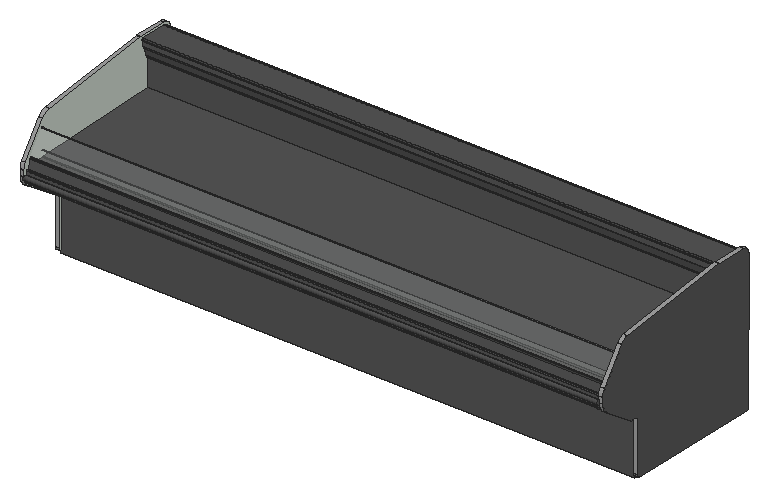
Revit family "E1S_2014", category Specialty Equipment, Revit 2014
Parameters (values of type "12'-0" Length")
  Width = 144 1/2"
  Waste Drain Location = if(Width = 48 1/4", 24 1/8", if(Width = 72 3/8", 48 1/4", if(Width = 96 3/8", 72 1/4", if(Width = 144 1/2", 72 1/4", 0"))))  # 72 1/4"
  Waste Drain = 1 1/2"  # constant formula
  URL = "www.hussmann.com"
  Type Comments = "Elite"  # constant formula
  Trim = Stainless Steel
  Total Weight = Case Weight + (2 * End Weight)  # 1150.00 lbf
  Splashguard = Textured Sheet Metal (Steel Painted) - 701 Black
  Side Panel - Right [instance] = yes
  Side Panel - Left [instance] = yes
  Shelves = Sheet Metal (Steel Painted) - 701 Black
  Revit Family Date = "05/26/2016"  # constant formula
  Refrigeration Lines Suction = 7/8"  # constant formula
  Refrigeration Lines Liquid = 3/8"  # constant formula
  Refrig. Suction = "Suction"
  Refrig. Liquid = "Liquid"
  Number of Supports = if(Width < 50", 2, if(Width < 100", 3, 4))  # 4
  Note from Manufacturer = "This model only comes in 4'-0\", 6'-0\", 8'-0\", and 12'-0\" lengths."
  Model URL = "http://www.hussmann.com/en/product%20viewer/display-cases/E1,%20E1S"
  Model = "E1S"  # constant formula
  Manufacturer Disclaimer = "The information in this file is not intended to be an exact representation of the corresponding Hussmann product.  Further, we reserve the right to change or revise specifications and product design in connection with any feature of our products. Such changes do not entitle the buyer to corresponding changes, improvements, additions, or replacements for equipment previously sold or shipped."  # constant formula
  Manufacturer = "Hussmann Corporation"  # constant formula
  Light [instance] = yes
  Height = 37 3/8"  # constant formula
  Glazing = Glass
  Ends = Textured Sheet Metal (Steel Painted) - 701 Black
  End Weight = 75.00 lbf  # constant formula
  Description = "Self-Serve, Single Deck with Straight Front Glass for Deli, Cheese, Salads"  # constant formula
  Depth = 46 1/8"  # constant formula
  Cutsheet URL = "http://www.hussmann.com/en/Technical%20Documents/0453531_E_E1S.pdf"
  Case Weight = if(Width = 48 1/4", 400.00 lbf, if(Width = 72 3/8", 600.00 lbf, if(Width = 96 3/8", 800.00 lbf, if(Width = 144 1/2", 1000.00 lbf, 0.00 lbf))))  # 1000.00 lbf
  Case Interior - Side Panel = Mirror
  Case Interior - Back Panel = Sheet Metal (Steel Painted) - 701 Black
  Case = Textured Sheet Metal (Steel Painted) - 701 Black
  Bumper = Extruded PVC - 701 Black
  Assembly Code = ""
  Accessories/Options = ""
Types (4): name | Width | Waste Drain Location | Total Weight | Number of Supports | Case Weight
  12'-0" Length | 144 1/2" | 72 1/4" | 1150.00 lbf | 4 | 1000.00 lbf
  8'-0" Length | 96 3/8" | 72 1/4" | 950.00 lbf | 3 | 800.00 lbf
  6'-0" Length | 72 3/8" | 48 1/4" | 750.00 lbf | 3 | 600.00 lbf
  4'-0" Length | 48 1/4" | 24 1/8" | 550.00 lbf | 2 | 400.00 lbf
Reference planes (in)
  plane 1 "Back": y = 0
  plane 2 "Bottom": z = 0
  plane 3 "Top": z = 37.375
  plane 4 "Left": x = -77.30699
  plane 5 "Front": y = -46.125
  plane 6 "Center (Left/Right)": x = -5.05699
  plane 7: x = -78.30699
  plane 8 "Right": x = 67.19301
  plane 9: x = 68.19301
Forms (in)
  Extrusion 1, solid, material "Metal - Copper"
    sketch origin (63.0625, 1.04319, 0) x (1, 0, 0) y (0, 1, 0)
      loop
        arc (-68.11949, -27.41819) -> (-68.64982, -27.63786) -> (-68.86949, -28.16819) r 0.75
        arc (-68.86949, -28.16819) -> (-68.64982, -28.69852) -> (-68.11949, -28.91819) r 0.75
        arc (-68.11949, -28.91819) -> (-67.58916, -28.69852) -> (-67.36949, -28.16819) r 0.75
        arc (-67.36949, -28.16819) -> (-67.58916, -27.63786) -> (-68.11949, -27.41819) r 0.75
      loop
        circle (-68.11949, -28.16819) r 0.7102
    from 15.5525 to 0
  Extrusion 2, solid, material "Metal - Copper"
    sketch origin (57.40105, 5, -0.375) x (1, 0, 0) y (0, 1, 0)
      loop
        circle (0.97946, -35.25) r 0.41359
      loop
        circle (0.97946, -35.25) r 0.4375
    from 15.9275 to 0.375
  Extrusion 3, solid, material "Metal - Copper"
    sketch origin (59.82608, 5, -0.375) x (1, 0, 0) y (0, 1, 0)
      loop
        circle (-0.82057, -35.25) r 0.17188
      loop
        circle (-0.82057, -35.25) r 0.1875
    from 15.9275 to 0.375
  Extrusion 4, solid, material "Extruded PVC - 701 Black" <- "Bumper"
    sketch origin (-5.05699, 0, 0) x (0, 1, 0) y (0, 0, 1)
      loop
        arc (-45.445, 22.49036) -> (-46, 21.93536) -> (-45.445, 21.38036) r 0.555
        line (-45.445, 21.38036) -> (-45.114, 21.38036) -> (-45.114, 22.49036) -> (-45.445, 22.49036)
    from 72.25 to -72.25
  Extrusion 5, solid, material "Textured Sheet Metal (Steel Painted) - 701 Black" <- "Case"
    sketch origin (-5.05699, 0, 0) x (0, 1, 0) y (0, 0, 1)
      loop
        line (-33.4203, 15.0455) -> (-33.4203, 15.5525) -> (-6.022, 15.5525) -> (-6.022, 12.31836) -> (-3.09214, 12.31836) -> (-1.484, 13.9265) -> (-1.484, 35.805) -> (-1.018, 36.271) -> (-1.018, 36.68575)
        arc (-1.018, 36.68575) -> (-0.40692, 36.23214) -> (-0.13069, 35.523) r 1.375
        line (-0.13069, 35.523) -> (-0.5, 35.523) -> (-0.5, 35.398) -> (0, 35.398)
        arc (0, 35.398) -> (-0.43934, 36.45866) -> (-1.5, 36.898) r 1.5
        line (-1.5, 36.898) -> (-1.90281, 36.898) -> (-1.90281, 36.773) -> (-8.65281, 36.773) -> (-8.72233, 36.87229)
        arc (-8.72233, 36.87229) -> (-8.80629, 36.8871) -> (-8.8211, 36.80314) r 0.06028
        line (-8.8211, 36.80314) -> (-8.666, 36.58163) -> (-8.666, 35.338) -> (-8.39261, 35.338) -> (-8.1876, 34.77474) -> (-8.14894, 34.78881) -> (-7.39623, 32.72078) -> (-7.4349, 32.7067) -> (-7.31964, 32.39003)
        arc (-7.31964, 32.39003) -> (-7.29999, 32.36858) -> (-7.27093, 32.36732) r 0.038
        line (-7.27093, 32.36732) -> (-6.869, 32.51361) -> (-6.869, 21.4475) -> (-8.89025, 21.4475) -> (-8.98391, 24.12974) -> (-19.0218, 23.77923) -> (-19.02552, 23.88595) -> (-27.0014, 21.4475) -> (-38.27432, 21.4475) -> (-38.27432, 23.41652) -> (-40.30332, 23.41652) -> (-40.30332, 24.18252) -> (-41.50346, 24.18252) -> (-43.54412, 25.3607) -> (-43.9473, 23.07412) -> (-44.41213, 23.15608) -> (-44.01971, 25.38162) -> (-44.07781, 25.39187) -> (-44.42407, 23.42812) -> (-45.025, 23.42812)
        arc (-45.025, 23.42812) -> (-45.08793, 23.40205) -> (-45.114, 23.33912) r 0.089
        line (-45.114, 23.33912) -> (-45.114, 20.52312)
        arc (-45.114, 20.52312) -> (-45.08793, 20.46019) -> (-45.025, 20.43412) r 0.089
        line (-45.025, 20.43412) -> (-44.1941, 20.43412) -> (-44.1941, 19.95118)
        arc (-44.1941, 19.95118) -> (-44.18715, 19.92339) -> (-44.16793, 19.90215) r 0.059
        line (-44.16793, 19.90215) -> (-36.05013, 14.4669)
        arc (-36.05013, 14.4669) -> (-35.98952, 14.46387) -> (-35.95831, 14.51592) r 0.059
        line (-35.95831, 14.51592) -> (-35.95831, 15.0455) -> (-33.4203, 15.0455)
    from 72.25 to -72.25
  Extrusion 6, solid, material "Glass" <- "Glazing"
    sketch origin (-5.05699, 0, 0) x (0, 1, 0) y (0, 0, 1)
      loop
        line (-40.30332, 23.41652) -> (-40.05332, 23.41652) -> (-40.05332, 25.91652) -> (-40.30332, 25.91652) -> (-40.30332, 23.41652)
      loop
        arc (-39.99776, 30.91903) -> (-40.17503, 30.96128) -> (-40.32954, 30.86466) r 0.236
        line (-40.32954, 30.86466) -> (-43.89263, 25.82679)
        arc (-43.89263, 25.82679) -> (-43.9459, 25.7305) -> (-43.97681, 25.62489) r 0.5
        line (-43.97681, 25.62489) -> (-44.41213, 23.15608) -> (-43.9473, 23.07412) -> (-43.52062, 25.49393)
        arc (-43.52062, 25.49393) -> (-43.5014, 25.54654) -> (-43.47095, 25.59354) r 0.25
        line (-43.47095, 25.59354) -> (-39.9385, 30.58809)
        arc (-39.9385, 30.58809) -> (-39.89888, 30.76597) -> (-39.99776, 30.91903) r 0.236
    from 72.25 to -72.25
  Extrusion 7, solid, material "Sheet Metal (Steel Painted) - 701 Black" <- "Shelves"
    sketch origin (-5.05699, 0, 0) x (0, 1, 0) y (0, 0, 1)
      loop
        line (-6.90546, 25.39651) -> (-39.94989, 24.31879) -> (-39.92473, 23.5472) -> (-6.8803, 24.62492) -> (-6.90546, 25.39651)
    from 72.25 to -72.25
  Extrusion 8, solid, material "Textured Sheet Metal (Steel Painted) - 701 Black" <- "Splashguard"
    sketch origin (-5.05699, 0, 0) x (0, 1, 0) y (0, 0, 1)
      loop
        line (-34.125, 0) -> (-33.696, 0) -> (-33.696, 14.616) -> (-34.125, 14.616) -> (-34.125, 0)
      loop
        line (-5.006, 11.929) -> (-5.006, 0) -> (-4.577, 0) -> (-4.577, 11.929) -> (-5.006, 11.929)
    from 72.25 to -72.25
  Extrusion 9, solid, material "Sheet Metal (Steel Painted) - 701 Black" <- "Shelves"
    sketch origin (-5.05699, 0, 0) x (0, 1, 0) y (0, 0, 1)
      loop
        line (-1.96481, 37.273) -> (-8.65281, 37.273) -> (-8.65281, 36.773) -> (-1.90281, 36.773) -> (-1.90281, 37.211)
        arc (-1.90281, 37.211) -> (-1.92097, 37.25484) -> (-1.96481, 37.273) r 0.062
    from 72.25 to -72.25
  Extrusion 10, solid, material "Textured Sheet Metal (Steel Painted) - 701 Black" <- "Ends", visible <- "Side Panel - Left"
    sketch origin (-77.30699, 0, 0) x (0, 1, 0) y (0, 0, 1)
      loop
        arc (-36.68276, 14.4101) -> (-36.55001, 14.34719) -> (-36.40469, 14.3256) r 0.49981
        line (-36.40469, 14.3256) -> (-35.02063, 14.3256)
        arc (-35.02063, 14.3256) -> (-34.66722, 14.17921) -> (-34.52083, 13.8258) r 0.49981
        line (-34.52083, 13.8258) -> (-34.52083, 1.09384)
        arc (-34.52083, 1.09384) -> (-34.37444, 0.74042) -> (-34.02102, 0.59371) r 0.49981
        line (-34.02102, 0.59371) -> (-0.25779, 0.59371)
        arc (-0.25779, 0.59371) -> (0.09563, 0.7401) -> (0.24202, 1.09352) r 0.49981
        line (0.24202, 1.09352) -> (0.24202, 36.02075)
        arc (0.24202, 36.02075) -> (-0.19715, 37.08101) -> (-1.25741, 37.52018) r 1.49943
        line (-1.25741, 37.52018) -> (-8.84421, 37.5201)
        arc (-8.84421, 37.5201) -> (-8.87512, 37.51914) -> (-8.90591, 37.51627) r 0.49981
        line (-8.90591, 37.51627) -> (-37.54476, 33.95402)
        arc (-37.54476, 33.95402) -> (-38.71024, 33.55393) -> (-39.61644, 32.71894) r 2.99883
        line (-39.61644, 32.71894) -> (-44.98582, 25.18733)
        arc (-44.98582, 25.18733) -> (-45.40017, 24.36039) -> (-45.54282, 23.44651) r 2.99883
        line (-45.54282, 23.44651) -> (-45.54282, 21.94341)
        arc (-45.54282, 21.94341) -> (-45.18939, 20.53103) -> (-44.2124, 19.45155) r 2.99883
        line (-44.2124, 19.45155) -> (-36.68276, 14.4101)
    from 0 to -1
  Extrusion 11, solid, material "Textured Sheet Metal (Steel Painted) - 701 Black" <- "Ends", visible <- "Side Panel - Right"
    sketch origin (67.19301, 0, 0) x (0, 0, 1) y (0, -1, 0)
      loop
        arc (14.4101, 36.68276) -> (14.34719, 36.55001) -> (14.3256, 36.40469) r 0.49981
        line (14.3256, 36.40469) -> (14.3256, 35.02063)
        arc (14.3256, 35.02063) -> (14.17921, 34.66722) -> (13.8258, 34.52083) r 0.49981
        line (13.8258, 34.52083) -> (1.09384, 34.52083)
        arc (1.09384, 34.52083) -> (0.74042, 34.37444) -> (0.59371, 34.02102) r 0.49981
        line (0.59371, 34.02102) -> (0.59371, 0.25779)
        arc (0.59371, 0.25779) -> (0.7401, -0.09563) -> (1.09352, -0.24202) r 0.49981
        line (1.09352, -0.24202) -> (36.02075, -0.24202)
        arc (36.02075, -0.24202) -> (37.08101, 0.19715) -> (37.52018, 1.25741) r 1.49943
        line (37.52018, 1.25741) -> (37.5201, 8.84421)
        arc (37.5201, 8.84421) -> (37.51914, 8.87512) -> (37.51627, 8.90591) r 0.49981
        line (37.51627, 8.90591) -> (33.95402, 37.54476)
        arc (33.95402, 37.54476) -> (33.55393, 38.71024) -> (32.71894, 39.61644) r 2.99883
        line (32.71894, 39.61644) -> (25.18733, 44.98582)
        arc (25.18733, 44.98582) -> (24.36039, 45.40017) -> (23.44651, 45.54282) r 2.99883
        line (23.44651, 45.54282) -> (21.94341, 45.54282)
        arc (21.94341, 45.54282) -> (20.53103, 45.18939) -> (19.45155, 44.2124) r 2.99883
        line (19.45155, 44.2124) -> (14.4101, 36.68276)
    from 1 to 0
Lines and regions (in)
  reference lines
    curve 1: line (-73.80699, -46.125, 0) -> (-73.80699, 0, 0)
    curve 2: line (-5.05699, -46.125, 0) -> (-5.05699, 0, 0)
    curve 3: line (63.69301, -46.125, 0) -> (63.69301, 0, 0)
    curve 4: line (58.81801, -46.125, 0) -> (58.81801, 0, 0)
    curve 5: line (-77.30699, -27.125, 0) -> (67.19301, -27.125, 0)
    curve 6: line (67.19301, -30.25, 0) -> (-77.30699, -30.25, 0)
Dimensions and locks (in)
  equal spacing: plane 4 "Left", plane 6 "Center (Left/Right)", plane 8 "Right"
  locked: plane 7 to plane 4 "Left" at 1
  "Width": plane 4 "Left" to plane 8 "Right"
  locked: plane 4 "Left" to curve 1 at 3.5
  locked: curve 3 to plane 8 "Right" at 3.5
  "Waste Drain Location": plane 4 "Left" to curve 2
  "Depth": plane 5 "Front" to plane 1 "Back"
  locked: curve 4 to plane 8 "Right" at 8.375
  "Height": plane 3 "Top" to level
  locked: plane 1 "Back" to curve 5 at 27.125
  locked: plane 1 "Back" to curve 6 at 30.25
  locked: plane 8 "Right" to plane 9 at 1
  locked: Extrusion 1 sketch curve to Extrusion 1 sketch curve at 0.0398
  locked: Extrusion 3 sketch curve to Extrusion 3 sketch curve at 0.01562
  locked: Extrusion 2 sketch curve to Extrusion 2 sketch curve at 0.02391
  locked: nested 1 to plane 1 "Back" at 6.022
  equal spacing: group 1, group 3, group 4, group 2  (x3)
  "Waste Drain": diameter of Extrusion 1 sketch curve
  "Refrigeration Lines Liquid": diameter of Extrusion 3 sketch curve
  "Refrigeration Lines Suction": diameter of Extrusion 2 sketch curve
  aligned and locked: plane 5 "Front" to curve 2
  aligned and locked: plane 5 "Front" to curve 3
  aligned and locked: plane 5 "Front" to curve 1
  aligned and locked: plane 4 "Left" to curve 5
  aligned and locked: plane 4 "Left" to curve 6
  aligned and locked: plane 8 "Right" to curve 6
  aligned and locked: plane 8 "Right" to curve 5
  aligned and locked: Extrusion 2 to level
  aligned and locked: Extrusion 3 to level
  aligned and locked: curve 6 to Extrusion 3 sketch curve  (x4)
  aligned and locked: curve 6 to Extrusion 2 sketch curve  (x4)
  aligned and locked: curve 5 to Extrusion 1 sketch curve  (x3)
  aligned and locked: curve 2 to Extrusion 1 sketch curve
  aligned and locked: curve 4 to Extrusion 3 sketch curve
  aligned and locked: curve 4 to Extrusion 2 sketch curve
  aligned and locked: Extrusion 4 to plane 4 "Left"
  aligned and locked: plane 8 "Right" to Extrusion 4
  aligned and locked: Extrusion 5 to plane 4 "Left"
  aligned and locked: plane 8 "Right" to Extrusion 5
  aligned and locked: Extrusion 6 to plane 4 "Left"
  aligned and locked: plane 8 "Right" to Extrusion 6
  aligned and locked: Extrusion 7 to plane 4 "Left"
  aligned and locked: plane 8 "Right" to Extrusion 7
  aligned and locked: Extrusion 8 to plane 4 "Left"
  aligned and locked: plane 8 "Right" to Extrusion 8
  aligned and locked: Extrusion 9 to plane 4 "Left"
  aligned and locked: plane 8 "Right" to Extrusion 9
  aligned and locked: curve 1 to nested 1
  aligned and locked: curve 3 to nested 2
  aligned and locked: nested 1 to nested 2
  aligned and locked: plane 4 "Left" to Extrusion 10
  aligned and locked: plane 9 to Extrusion 11
  aligned and locked: Extrusion 11 to plane 8 "Right"
  aligned and locked: plane 4 "Left" to nested 3
Automatic sketch dimensions
  plane 5 "Front" to Extrusion 4 sketch curve = 0.68"
  plane 3 "Top" to Extrusion 4 sketch curve = 15.99464"
  Extrusion 4 sketch curve to Extrusion 4 sketch curve = 0.555"
  Extrusion 4 sketch curve to Extrusion 4 sketch curve = 0.331"
  Extrusion 6 sketch curve to Extrusion 6 sketch curve = 1/4"
  Extrusion 6 sketch curve to Extrusion 6 sketch curve = 2 1/2"
  plane 5 "Front" to Extrusion 7 sketch curve = 6.17511"
  Extrusion 7 sketch curve to Extrusion 7 sketch curve = 0.02516"
  plane 1 "Back" to Extrusion 7 sketch curve = 6.90546"
  level to Extrusion 7 sketch curve = 23.5472"
  Extrusion 7 sketch curve to Extrusion 7 sketch curve = 0.77159"
  Extrusion 8 sketch curve to level = 0"  (x2)
  plane 5 "Front" to Extrusion 8 sketch curve = 12"
  Extrusion 8 sketch curve to Extrusion 8 sketch curve = 0.429"  (x2)
  plane 1 "Back" to Extrusion 8 sketch curve = 5.006"
  level to Extrusion 8 sketch curve = 11.929"
  level to Extrusion 8 sketch curve = 14.616"
  plane 3 "Top" to Extrusion 9 sketch curve = 0.102"
  plane 1 "Back" to Extrusion 9 sketch curve = 8.65281"
  plane 1 "Back" to Extrusion 9 sketch curve = 1.96481"
  Extrusion 9 sketch curve to Extrusion 9 sketch curve = 1/2"
  Extrusion 9 sketch curve to Extrusion 9 sketch curve = 0.062"
  Extrusion 5 sketch curve to Extrusion 5 sketch curve = 0"  (x2)
  Extrusion 5 sketch curve to plane 1 "Back" = 0"
  plane 1 "Back" to Extrusion 5 sketch curve = 0.13069"
  Extrusion 5 sketch curve to Extrusion 5 sketch curve = 0.36931"
  Extrusion 5 sketch curve to Extrusion 5 sketch curve = 0.518"
  plane 1 "Back" to Extrusion 5 sketch curve = 1.484"
  Extrusion 5 sketch curve to Extrusion 5 sketch curve = 0.016"
  Extrusion 5 sketch curve to Extrusion 5 sketch curve = 0.40281"
  Extrusion 5 sketch curve to Extrusion 5 sketch curve = 1.60814"
  Extrusion 5 sketch curve to Extrusion 5 sketch curve = 2.92986"
  Extrusion 5 sketch curve to Extrusion 5 sketch curve = 5.369"
  Extrusion 5 sketch curve to Extrusion 5 sketch curve = 0.40193"
  Extrusion 5 sketch curve to Extrusion 5 sketch curve = 0.013"
  Extrusion 5 sketch curve to Extrusion 5 sketch curve = 0.03571"
  plane 3 "Top" to Extrusion 5 sketch curve = 4.65422"
  Extrusion 5 sketch curve to Extrusion 5 sketch curve = 0.1123"
  plane 3 "Top" to Extrusion 5 sketch curve = 4.6683"
  Extrusion 5 sketch curve to Extrusion 5 sketch curve = 0.03867"
  plane 3 "Top" to Extrusion 5 sketch curve = 2.58619"
  plane 3 "Top" to Extrusion 5 sketch curve = 2.60026"
  Extrusion 5 sketch curve to Extrusion 5 sketch curve = 0.20501"
  plane 3 "Top" to Extrusion 5 sketch curve = 0.602"
  Extrusion 5 sketch curve to Extrusion 5 sketch curve = 0.26019"
  plane 3 "Top" to Extrusion 5 sketch curve = 0.79337"
  Extrusion 5 sketch curve to Extrusion 5 sketch curve = 0.01319"
  plane 3 "Top" to Extrusion 5 sketch curve = 0.50271"
  Extrusion 5 sketch curve to Extrusion 5 sketch curve = 0.06953"
  Extrusion 5 sketch curve to Extrusion 5 sketch curve = 0.04938"  (x2)
  plane 3 "Top" to Extrusion 5 sketch curve = 0.57186"
  Extrusion 5 sketch curve to Extrusion 5 sketch curve = 4.85401"
  Extrusion 5 sketch curve to Extrusion 5 sketch curve = 2.029"
  Extrusion 5 sketch curve to Extrusion 5 sketch curve = 1.20014"
  Extrusion 5 sketch curve to Extrusion 5 sketch curve = 2.04066"
  Extrusion 5 sketch curve to Extrusion 5 sketch curve = 0.60093"
  plane 5 "Front" to Extrusion 5 sketch curve = 1.1"
  Extrusion 5 sketch curve to Extrusion 5 sketch curve = 0.089"  (x2)
  Extrusion 5 sketch curve to Extrusion 5 sketch curve = 0.02271"
  Extrusion 5 sketch curve to Extrusion 5 sketch curve = 0.766"
  Extrusion 5 sketch curve to Extrusion 5 sketch curve = 10.91982"
  Extrusion 5 sketch curve to Extrusion 5 sketch curve = 5.895"
  Extrusion 5 sketch curve to Extrusion 5 sketch curve = 0.507"
  Extrusion 5 sketch curve to Extrusion 5 sketch curve = 1.626"
  Extrusion 5 sketch curve to Extrusion 5 sketch curve = 3.23414"
  Extrusion 5 sketch curve to Extrusion 5 sketch curve = 0.14629"
  Extrusion 5 sketch curve to Extrusion 5 sketch curve = 1 3/8"
  Extrusion 5 sketch curve to Extrusion 5 sketch curve = 1/8"
  Extrusion 5 sketch curve to Extrusion 5 sketch curve = 0.407"
  Extrusion 5 sketch curve to Extrusion 5 sketch curve = 0.41475"
  Extrusion 5 sketch curve to Extrusion 5 sketch curve = 2.53801"
  Extrusion 5 sketch curve to Extrusion 5 sketch curve = 0.8309"
  Extrusion 5 sketch curve to Extrusion 5 sketch curve = 0.48294"
  Extrusion 5 sketch curve to Extrusion 5 sketch curve = 0.059"
  Extrusion 5 sketch curve to Extrusion 5 sketch curve = 0.02617"
  Extrusion 5 sketch curve to Extrusion 5 sketch curve = 0.5786"
  Extrusion 5 sketch curve to Extrusion 5 sketch curve = 0.03283"
  Extrusion 5 sketch curve to Extrusion 5 sketch curve = 0.04903"
  Extrusion 5 sketch curve to Extrusion 5 sketch curve = 0.87996"
  Extrusion 5 sketch curve to Extrusion 5 sketch curve = 1.54535"
  Extrusion 5 sketch curve to Extrusion 5 sketch curve = 2.816"
  Extrusion 5 sketch curve to Extrusion 5 sketch curve = 1.96902"
  Extrusion 5 sketch curve to Extrusion 5 sketch curve = 0.01194"
  Extrusion 5 sketch curve to Extrusion 5 sketch curve = 0.47559"
  Extrusion 5 sketch curve to Extrusion 5 sketch curve = 0.354"
  Extrusion 5 sketch curve to Extrusion 5 sketch curve = 0.0581"
  Extrusion 5 sketch curve to Extrusion 5 sketch curve = 0.01025"
  plane 5 "Front" to Extrusion 6 sketch curve = 5.82168"
  plane 3 "Top" to Extrusion 6 sketch curve = 13.95848"
  Extrusion 6 sketch curve to Extrusion 6 sketch curve = 0.02622"
  plane 5 "Front" to Extrusion 6 sketch curve = 2.84732"
  Extrusion 6 sketch curve to Extrusion 6 sketch curve = 0.19327"
  Extrusion 6 sketch curve to Extrusion 6 sketch curve = 0.01346"
  Extrusion 6 sketch curve to Extrusion 6 sketch curve = 0.03621"
  Extrusion 6 sketch curve to Extrusion 6 sketch curve = 0.42168"
  plane 5 "Front" to Extrusion 6 sketch curve = 2.1777"
  Extrusion 6 sketch curve to Extrusion 6 sketch curve = 0.08419"
  Extrusion 6 sketch curve to Extrusion 6 sketch curve = 119/256"
  Extrusion 6 sketch curve to Extrusion 6 sketch curve = 0.19268"  (x2)
  Extrusion 6 sketch curve to Extrusion 6 sketch curve = 0.00568"
  Extrusion 6 sketch curve to Extrusion 6 sketch curve = 0.26044"
  Extrusion 6 sketch curve to Extrusion 6 sketch curve = 0.08196"
  Extrusion 6 sketch curve to Extrusion 6 sketch curve = 0.05896"
  Extrusion 6 sketch curve to Extrusion 6 sketch curve = 0.05547"
  Extrusion 6 sketch curve to Extrusion 6 sketch curve = 4.67157"
  Extrusion 6 sketch curve to Extrusion 6 sketch curve = 0.13627"  (x2)
  Extrusion 6 sketch curve to Extrusion 6 sketch curve = 0.00402"
  level to Extrusion 11 sketch curve = 14.4101"
  Extrusion 11 sketch curve to Extrusion 11 sketch curve = 0.41531"
  plane 5 "Front" to Extrusion 11 sketch curve = 9.72031"
  Extrusion 11 sketch curve to Extrusion 11 sketch curve = 0.27807"
  plane 5 "Front" to Extrusion 11 sketch curve = 1.9126"
  Extrusion 11 sketch curve to Extrusion 11 sketch curve = 5.04146"
  Extrusion 11 sketch curve to Extrusion 11 sketch curve = 1.38406"
  Extrusion 11 sketch curve to Extrusion 11 sketch curve = 0.49981"  (x3)
  level to Extrusion 11 sketch curve = 1.09384"
  Extrusion 11 sketch curve to Extrusion 11 sketch curve = 2.49186"
  Extrusion 11 sketch curve to Extrusion 11 sketch curve = 1.66842"
  Extrusion 11 sketch curve to Extrusion 11 sketch curve = 0.00033"
  Extrusion 11 sketch curve to Extrusion 11 sketch curve = 0"  (x3)
  plane 1 "Back" to Extrusion 11 sketch curve = 0.25779"
  Extrusion 11 sketch curve to Extrusion 11 sketch curve = 1.5031"
  plane 5 "Front" to Extrusion 11 sketch curve = 1.13918"
  plane 3 "Top" to Extrusion 11 sketch curve = 4.65606"
  plane 5 "Front" to Extrusion 11 sketch curve = 6.50856"
  Extrusion 11 sketch curve to Extrusion 11 sketch curve = 1.74082"
  Extrusion 11 sketch curve to Extrusion 11 sketch curve = 2.44184"
  Extrusion 11 sketch curve to Extrusion 11 sketch curve = 1.23508"
  plane 3 "Top" to Extrusion 11 sketch curve = 0.35471"
  Extrusion 11 sketch curve to plane 3 "Top" = 0.14518"
  plane 1 "Back" to Extrusion 11 sketch curve = 1.25741"
  Extrusion 11 sketch curve to Extrusion 11 sketch curve = 0.06169"
  Extrusion 11 sketch curve to Extrusion 11 sketch curve = 1/256"
  Extrusion 11 sketch curve to Extrusion 11 sketch curve = 7.5868"
  plane 3 "Top" to Extrusion 10 sketch curve = 15.43159"
  plane 5 "Front" to Extrusion 10 sketch curve = 0.58218"
  plane 3 "Top" to Extrusion 10 sketch curve = 12.18767"
  Extrusion 10 sketch curve to Extrusion 10 sketch curve = 0.557"
  plane 3 "Top" to Extrusion 10 sketch curve = 17.92345"
  Extrusion 10 sketch curve to Extrusion 10 sketch curve = 1.33041"
  Extrusion 10 sketch curve to Extrusion 10 sketch curve = 0"  (x3)
  plane 5 "Front" to Extrusion 10 sketch curve = 6.50856"
  Extrusion 10 sketch curve to Extrusion 10 sketch curve = 2.07168"
  Extrusion 10 sketch curve to Extrusion 10 sketch curve = 2.44184"
  plane 5 "Front" to Extrusion 10 sketch curve = 9.44224"
  Extrusion 10 sketch curve to Extrusion 10 sketch curve = 0.27807"
  Extrusion 10 sketch curve to Extrusion 10 sketch curve = 1.38406"
  plane 5 "Front" to Extrusion 10 sketch curve = 11.60417"
  Extrusion 10 sketch curve to Extrusion 10 sketch curve = 0.49981"  (x2)
  Extrusion 10 sketch curve to plane 3 "Top" = 0.14127"
  plane 5 "Front" to Extrusion 10 sketch curve = 37.21909"
  Extrusion 10 sketch curve to Extrusion 10 sketch curve = 0.06169"
  Extrusion 10 sketch curve to Extrusion 10 sketch curve = 7.5868"
  plane 1 "Back" to Extrusion 10 sketch curve = 0.25779"
  Extrusion 10 sketch curve to Extrusion 10 sketch curve = 4.62615"
  Extrusion 10 sketch curve to Extrusion 10 sketch curve = 0.41531"
  level to Extrusion 10 sketch curve = 1.09384"
  level to Extrusion 10 sketch curve = 1.09352"
  plane 3 "Top" to Extrusion 10 sketch curve = 6.39688"
  Extrusion 10 sketch curve to Extrusion 10 sketch curve = 1.74082"
  Extrusion 10 sketch curve to Extrusion 10 sketch curve = 1.49553"
  Extrusion 10 sketch curve to Extrusion 10 sketch curve = 0.49598"
  Extrusion 5 sketch curve to Extrusion 5 sketch curve = 6.4189"
  Extrusion 5 sketch curve to Extrusion 5 sketch curve = 7.97588"
  Extrusion 5 sketch curve to Extrusion 5 sketch curve = 2.43845"
  Extrusion 5 sketch curve to Extrusion 5 sketch curve = 2.11491"
  Extrusion 5 sketch curve to Extrusion 5 sketch curve = 2.02125"
  Extrusion 5 sketch curve to Extrusion 5 sketch curve = 0.10671"
  Extrusion 5 sketch curve to Extrusion 5 sketch curve = 0.00373"
  Extrusion 1 sketch curve to Extrusion 1 sketch curve = 0"  (x2)
  Extrusion 2 sketch curve to Extrusion 2 sketch curve = 0"
  Extrusion 3 sketch curve to Extrusion 3 sketch curve = 0"
  curve 4 to plane 5 "Front" = 0"
  plane 1 "Back" to curve 4 = 0"
  plane 1 "Back" to curve 1 = 0"
  plane 1 "Back" to curve 3 = 0"
  plane 1 "Back" to curve 2 = 0"
Nested families (in)
  nested 1: "Floor Support - E Series" at (-73.1875, -3.029, 0), type "Floor Support - E Series"
  nested 2: "Floor Support - E Series" at (64.3125, -3.029, 0), type "Floor Support - E Series"
  nested 3: "Light" at (-5.30699, -26.06379, -37.4545), visible <- "Light", type "Light"
  nested 4: "Floor Support - E Series" at (-27.35417, -3.029, 0), type "Floor Support - E Series"
  nested 5: "Floor Support - E Series" at (18.47917, -3.029, 0), type "Floor Support - E Series"
Connectors (in)
  piping at (-5.05699, -27.125, 0), diameter 1.5, driven by "Waste Drain"
    settings: on Extrusion 1, index 8, connector inside diameter 1 1/4", connector length 0", flow factor 0, pipe flow 0 GPM, pressure drop 0.00 psi, fitting loss kfactor 0, connector angle 0.00°, fixture units 0, engagement length 0", angle of deflection 0.00°, flow configuration 0, flow direction 0, fitting loss method 0, system type 16, joint type 0, gender type 0, connector reference index -1, connector utility 0, adjustable connector no, is connector primary yes, connector description "1 1/4\""
  piping at (58.38051, -30.25, 0), diameter 0.875, driven by "Refrig. Suction", driven by "Refrigeration Lines Suction"
    settings: on Extrusion 2, index 9, connector inside diameter 7/8", connector length 0", flow factor 0, pipe flow 0 GPM, pressure drop 0.00 psi, fitting loss kfactor 0, connector angle 0.00°, fixture units 0, engagement length 0", angle of deflection 0.00°, flow configuration 0, flow direction 2, fitting loss method 0, system type 22, joint type 0, gender type 0, connector reference index -1, connector utility 0, adjustable connector no, is connector primary no, connector description "Suction"
  piping at (59.00551, -30.25, 0), diameter 0.375, driven by "Refrig. Liquid", driven by "Refrigeration Lines Liquid"
    settings: on Extrusion 3, index 10, connector inside diameter 3/8", connector length 0", flow factor 0, pipe flow 0 GPM, pressure drop 0.00 psi, fitting loss kfactor 0, connector angle 0.00°, fixture units 0, engagement length 0", angle of deflection 0.00°, flow configuration 0, flow direction 1, fitting loss method 0, system type 22, joint type 0, gender type 0, connector reference index -1, connector utility 0, adjustable connector no, is connector primary no, connector description "Liquid"
Definition of nested family "Floor Support - E Series"
  Parameters (values of type "Floor Support - E Series")
    Width = 4"
    URL = "www.hussmann.com"
    Type Comments = ""
    Revit Family Date = "5/12/2016"
    Model = ""
    Manufacturer = "Hussmann Corporation"
    Height = 15.5525"
    Floor Support = none
    Description = ""
    Depth = 26.632"
    Assembly Code = ""
    Accessories/Options = ""
  Reference planes (in)
    plane 1 "Back": y = -2.993
    plane 2 "Bottom": z = 0
    plane 3 "Top": z = 15.5525
    plane 4 "Front": y = -29.625
    plane 5 "Center (Left/Right)": x = -0.61949
    plane 6 "Left": x = -2.61949
    plane 7 "Right": x = 1.38051
  Forms (in)
    Extrusion 1, solid, material <- "Floor Support"
      sketch origin (0, 0, 0) x (1, 0, 0) y (0, 1, 0)
        loop
          line (-2.61949, -6.243) -> (-2.61949, -6.368) -> (-1.74449, -6.368) -> (-1.74449, -3.118) -> (0.50551, -3.118) -> (0.50551, -6.368) -> (1.38051, -6.368) -> (1.38051, -6.243) -> (0.63051, -6.243) -> (0.63051, -2.993) -> (-1.86949, -2.993) -> (-1.86949, -6.243) -> (-2.61949, -6.243)
        loop
          line (-2.61949, -26.375) -> (-1.86949, -26.375) -> (-1.86949, -29.625) -> (0.63051, -29.625) -> (0.63051, -26.375) -> (1.38051, -26.375) -> (1.38051, -26.25) -> (0.50551, -26.25) -> (0.50551, -29.5) -> (-1.74449, -29.5) -> (-1.74449, -26.25) -> (-2.61949, -26.25) -> (-2.61949, -26.375)
      from 0.6875 to 15.5525
    Extrusion 2, solid, material <- "Floor Support"
      sketch origin (0, 0, 0) x (1, 0, 0) y (0, 1, 0)
        loop
          circle (-0.61949, -3.519) r 0.3125
        loop
          circle (-0.61949, -28.842) r 0.3125
      from 0 to 0.5625
    Extrusion 3, solid, material <- "Floor Support"
      sketch origin (0, 0, 0) x (1, 0, 0) y (0, 1, 0)
        loop
          circle (-0.61949, -28.842) r 0.5
        loop
          circle (-0.61949, -3.519) r 0.5
      from 0.5625 to 0.6875
    Extrusion 4, solid, material <- "Floor Support"
      sketch origin (0, 0, 0) x (1, 0, 0) y (0, 1, 0)
        loop
          line (-1.74449, -3.118) -> (-1.74449, -29.5) -> (0.50551, -29.5) -> (0.50551, -3.118) -> (-1.74449, -3.118)
      from 12.3585 to 15.5525
  Dimensions and locks (in)
    "Depth": plane 4 "Front" to plane 1 "Back"
    "Height": plane 3 "Top" to level
    equal spacing: plane 6 "Left", plane 5 "Center (Left/Right)", plane 7 "Right"
    "Width": plane 6 "Left" to plane 7 "Right"
  Automatic sketch dimensions
    plane 1 "Back" to Extrusion 1 sketch curve = 0"
    Extrusion 1 sketch curve to Extrusion 1 sketch curve = 1/8"  (x9)
    plane 1 "Back" to Extrusion 1 sketch curve = 1/8"
    Extrusion 1 sketch curve to Extrusion 1 sketch curve = 0"  (x2)
    Extrusion 1 sketch curve to plane 6 "Left" = 0"  (x2)
    plane 6 "Left" to Extrusion 1 sketch curve = 3/4"  (x2)
    Extrusion 1 sketch curve to plane 7 "Right" = 0"  (x2)
    Extrusion 1 sketch curve to plane 7 "Right" = 7/8"
    Extrusion 1 sketch curve to Extrusion 1 sketch curve = 7/8"
    Extrusion 3 sketch curve to plane 5 "Center (Left/Right)" = 0"  (x2)
    plane 4 "Front" to Extrusion 4 sketch curve = 1/8"
    plane 6 "Left" to Extrusion 4 sketch curve = 7/8"
    Extrusion 4 sketch curve to plane 7 "Right" = 7/8"
    plane 1 "Back" to Extrusion 4 sketch curve = 1/8"
    Extrusion 1 sketch curve to plane 4 "Front" = 0"
    Extrusion 1 sketch curve to Extrusion 1 sketch curve = 3 1/8"
    plane 4 "Front" to Extrusion 3 sketch curve = 0.783"
    Extrusion 1 sketch curve to Extrusion 1 sketch curve = 3 1/4"
    plane 1 "Back" to Extrusion 3 sketch curve = 0.526"
    radius of Extrusion 3 sketch curve = 1/2"  (x2)
Definition of nested family "Light"
  Parameters (values of type "Light")
    Wattage = 16.1571 W
    built-in parameter 1150110 = 1 (stored number, unit not read)
    built-in parameter 1114217 = 1 (stored number, unit not read)
    built-in parameter 1150109 = 1 (stored number, unit not read)
    built-in parameter 1150134 = (empty or 0)
    built-in parameter 1150113 = 1 (stored number, unit not read)
    Lumens = 2400 lm
    built-in parameter 1150115 = 1 (stored number, unit not read)
    built-in parameter 1150105 = 763.94 (stored number, unit not read)
    Light Source Symbol Size = 24"
    built-in parameter 1150137 = (empty or 0)
    built-in parameter 1150139 = (empty or 0)
    Lense = none
    Length = 144"
    built-in parameter 1150112 = 1 (stored number, unit not read)
    built-in parameter 1150114 = 1 (stored number, unit not read)
    built-in parameter 1150132 = 2
    built-in parameter 1150102 = (empty or 0)
    built-in parameter 1150138 = (empty or 0)
    built-in parameter 1150107 = 6100 (stored number, unit not read)
    built-in parameter 1150106 = 7.6394 (stored number, unit not read)
    Emit from Line Length = Length  # 144"
    built-in parameter 1150104 = 13.8 (stored number, unit not read)
    Dimming Lamp Color Temperature Shift = (empty or 0)
    Color Filter = 16777215
    Casing = none
    built-in parameter 1114218 = 1 (stored number, unit not read)
    built-in parameter 1150133 = 10 (stored number, unit not read)
  Reference planes (in)
    plane 1 "Light Source Axis (F/B)": y = -8.60801
    plane 2: z = 0
    plane 3 "Light Source Axis (L/R)": x = 0
    plane 4 "Light Source Elevation": z = 52.5
    plane 5: z = 0
    plane 6 "Left": x = -72
    plane 7 "Right": x = 72
  Lines and regions (in)
    model lines
      curve 1: line (-72, -8.60801, 52.5) -> (72, -8.60801, 52.5)
  Dimensions and locks (in)
    equal spacing: plane 7 "Right", plane 3 "Light Source Axis (L/R)", plane 6 "Left"
    "Length": plane 7 "Right" to plane 6 "Left"
    aligned and locked: plane 3 "Light Source Axis (L/R)" to imposter light
    aligned and locked: plane 1 "Light Source Axis (F/B)" to imposter light
    aligned and locked: plane 4 "Light Source Elevation" to imposter light
    aligned and locked: level to plane 5
  Automatic sketch dimensions
    plane 1 "Light Source Axis (F/B)" to curve 1 = 0"
    curve 1 to plane 6 "Left" = 0"
    curve 1 to plane 7 "Right" = 0"
